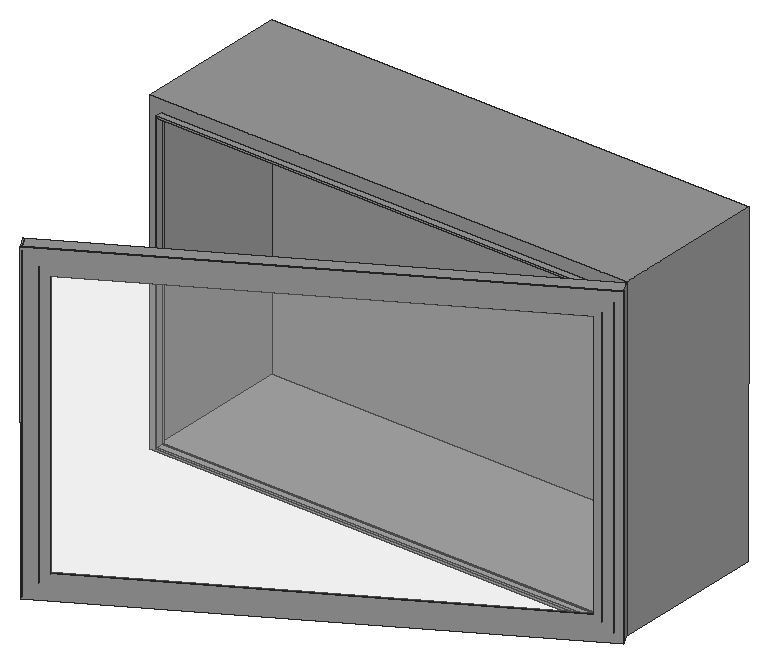
Revit family "Hager-Orion_Inox-IP66-D210-Cl.I-Inox_encl-630A-400mm-NoHosted-CH-it", category Equipement électrique, Revit 2020
Family settings
  Configuration du panneau = Deux colonnes, circuits au sein
  Cote de connecteur circulaire = Utiliser le diamètre
  Type d'élément = Tableau de raccordement
  Basée sur le plan de construction = Oui
  Toujours verticalement = Oui
  Couper avec des vides une fois chargée = Non
  Partagée = Non
  Point de calcul de pièce = Non
Parameters (values of type "A parete IP66 L600 A400 P210  - FL017TWL")
  Width Control [instance] = if([EF000008 - Larghezza] > Min Width, [EF000008 - Larghezza], Min Width)  # 600 mm
  Commentaires du type = [HG000003 - Gamma]  # "Orion Inox"
  Thickness Door [instance] = if([EF009171 - spessore materiale porta/coperchio] > 3 mm, 3 mm, [EF009171 - spessore materiale porta/coperchio])  # 1.5 mm
  Seal Frame Offset [instance] = 17 mm  # constant formula
  Min Width [instance] = 100 mm  # constant formula
  Min Depth [instance] = (2 * [EF009170 - spessore materiale scatola]) + 1 mm  # 4 mm
  Min Height [instance] = 100 mm  # constant formula
  Internal Frame Depth [instance] = -(Door System Depth * 0.5)  # -9 mm
  Panel Name [instance] = ""  # (empty or 0)
  Model = ""
  HG000027 - Altezza dello zoccolo = 0 mm
  HG000026 - A pavimento = no
  HG000024 - Altezza della sezione inferiore = 600 mm
  HG000023 - Custodia a doppia sezione = no
  HG000016 - Visibilità delle porte nella vista 3D [instance] = yes
  HG000015 - Visibilità attraverso la porta [instance] = no
  HG000014 - Porta destra [instance] = yes
  HG000013 - Porta sinistra [instance] = not([HG000014 - Porta destra])  # no
  HG000012 - Angolo di apertura della porta [instance] = 30.00°
  HG000010 - Porte asimmetriche = no
  HG000009 - Porta doppia a battente = no
  HG000006 - Ad incasso = no
  HG000004 - Codice produttore = "FL017TWL"
  HG000003 - Gamma = "Orion Inox"
  HG000002 - Con porta = yes
  Frame Offset Bottom [instance] = 10 mm  # constant formula
  Frame Offset [instance] = 15 mm  # constant formula
  EF015940 - Coprire con rilascio di sovrapressione = no
  EF011959 - tipo di protezione (NEMA) = ""
  EF009554 - numero delle aperture per la piastra della flangia = 0
  EF009212 - esecuzione coperchio = "EV000116 - chiuso"
  EF009171 - spessore materiale porta/coperchio = 1.5 mm
  EF009170 - spessore materiale scatola = 1.5 mm
  EF008873 - corrente nominale (In) = 630 A
  EF007800 - adatto per parafulmine = no
  EF006306 - con serratura = yes
  EF006244 - coperchio/porta trasparente = yes
  EF005474 - grado di protezione (IP) = "EV006422 - IP66"
  EF004464 - tipo di porta = "EV002646 - singolo"
  EF004427 - numero di moduli = 0
  EF004293 - resistenza agli urti = "EV006814 - IK08"
  EF003532 - adatto per uso esterno = yes
  EF002950 - Numero moduli DIN = 0
  EF001613 - Integrità del circuito = "EV000494 - senza"
  EF001596 - Attacco Lampada = "EV000166 - acciaio inossidabile"
  EF001131 - profondità interna = 176 mm
  EF001088 - possibilità di applicazione = yes
  EF000437 - numero di ingressi per conduttori = 0
  EF000339 - tipo di copertura = "EV004216 - porta"
  EF000266 - numero di file = 0
  EF000218 - profondità di incasso = 0 mm
  EF000118 - con piastra di montaggio = no
  EF000116 - numero RAL = ""
  EF000049 - profondità = 210 mm
  EF000040 - Altezza = 400 mm
  EF000008 - Larghezza = 600 mm
  EF000007 - colore = "EV000154 - altri"
  EF000003 - Tipo di montaggio = "EV000384 - A parete"
  Door System Leaf Tolerance [instance] = 1.5 mm  # constant formula
  Door System Depth [instance] = 18 mm  # constant formula
  Description = ""
  Default Elevation = 1219.2 mm
  Connector Offset [instance] = Height Control / 2  # 200 mm
  Fabricant = "Hager"  # constant formula
  Height Control [instance] = if([EF000040 - Altezza] > Min Height, [EF000040 - Altezza], Min Height)  # 400 mm
  Depth Control [instance] = if([EF000049 - profondità] > Min Depth, [EF000049 - profondità], Min Depth)  # 210 mm
Types (12, lengths in mm): name | Width Control | HG000004 - Codice produttore | EF009212 - esecuzione coperchio | EF006306 - con serratura | EF006244 - coperchio/porta trasparente | EF004293 - resistenza agli urti | EF001613 - Integrità del circuito | EF000008 - Larghezza
  A parete IP66 L300 A400 P210  - FL015BW | 300 | "FL015BW" | "EV000116 - chiuso" | yes | no | "EV008784 - IK10" | "EV000494 - senza" | 300
  A parete IP66 L300 A400 P210  - FL015BWL | 300 | "FL015BWL" | "EV000116 - chiuso" | yes | no | "EV008784 - IK10" | "EV000494 - senza" | 300
  A parete IP66 L300 A400 P210  - FL015TW | 300 | "FL015TW" | "EV000116 - chiuso" | yes | yes | "EV006814 - IK08" | "EV000494 - senza" | 300
  A parete IP66 L300 A400 P210  - FL015TWL | 300 | "FL015TWL" | "EV000116 - chiuso" | yes | yes | "EV006814 - IK08" | "EV000494 - senza" | 300
  A parete IP66 L400 A400 P210  - FL016BW | 400 | "FL016BW" | "EV009916 - con taglio" | no | no | "EV008784 - IK10" | "" | 400
  A parete IP66 L400 A400 P210  - FL016BWL | 400 | "FL016BWL" | "EV009916 - con taglio" | no | no | "EV008784 - IK10" | "" | 400
  A parete IP66 L400 A400 P210  - FL016TW | 400 | "FL016TW" | "EV000116 - chiuso" | yes | yes | "EV006814 - IK08" | "EV000494 - senza" | 400
  A parete IP66 L400 A400 P210  - FL016TWL | 400 | "FL016TWL" | "EV000116 - chiuso" | yes | yes | "EV006814 - IK08" | "EV000494 - senza" | 400
  A parete IP66 L600 A400 P210  - FL017BW | 600 | "FL017BW" | "EV000116 - chiuso" | yes | no | "EV008784 - IK10" | "EV000494 - senza" | 600
  A parete IP66 L600 A400 P210  - FL017BWL | 600 | "FL017BWL" | "EV000116 - chiuso" | yes | no | "EV008784 - IK10" | "EV000494 - senza" | 600
  A parete IP66 L600 A400 P210  - FL017TW | 600 | "FL017TW" | "EV000116 - chiuso" | yes | yes | "EV006814 - IK08" | "EV000494 - senza" | 600
  A parete IP66 L600 A400 P210  - FL017TWL | 600 | "FL017TWL" | "EV000116 - chiuso" | yes | yes | "EV006814 - IK08" | "EV000494 - senza" | 600
Reference planes
  plane 1 "Center (Front/Back)": y = 0
  plane 2: z = 0
  plane 3 "Center (Left/Right)": x = 0
  plane 4: y = 0
  plane 5: y = 0
  plane 6: z = 0
  plane 7: x = -300
  plane 8: x = 300
  plane 9: x = 298.5
  plane 10: x = -298.5
  plane 11: z = 0
  plane 12: z = 1.5
  plane 13: y = -210
  plane 14: y = -1.5
  plane 15: x = 0
  plane 16: y = -192
  plane 17: y = -208.5
  plane 18: y = -190.5
  plane 19: x = -283.5
  plane 20: x = 283.5
  plane 21: z = 11.5
  plane 22: x = -283
  plane 23: x = 283
  plane 24: z = 0
  plane 25: z = 400
  plane 26: z = 400
  plane 27: z = 383.5
  plane 28: z = 398.5
Forms (mm)
  Extrusion 1, solid, material "Hager_Stainless_Steel", detail levels medium+fine
    sketch origin (-208.679, -4572, 0) x (-1, 0, 0) y (0, -1, 0)
      loop
        line (91.321, -4380) -> (-508.679, -4380) -> (-508.679, -4572) -> (91.321, -4572) -> (91.321, -4380)
    from 0 to 400
  Extrusion 2, void
    sketch origin (-350.771, -210, 1219.2) x (1, 0, 0) y (0, 0, 1)
      loop
        line (52.271, -820.7) -> (52.271, -1217.7) -> (649.271, -1217.7) -> (649.271, -820.7) -> (52.271, -820.7)
    from -19.5 to -208.5
  Extrusion 3, void
    sketch origin (-290.084, -192, 1219.2) x (1, 0, 0) y (0, 0, 1)
      loop
        line (6.584, -1207.7) -> (573.584, -1207.7) -> (573.584, -835.7) -> (6.584, -835.7) -> (6.584, -1207.7)
    from 0 to -1.5
  Extrusion 4, solid, material "Hager_Stainless_Steel", detail levels fine
    sketch origin (-290.084, -192, 1219.2) x (-1, 0, 0) y (0, 0, 1)
      loop
        line (-573.584, -1207.7) -> (-6.584, -1207.7) -> (-6.584, -835.7) -> (-573.584, -835.7) -> (-573.584, -1207.7)
      loop
        line (-575.084, -1209.2) -> (-5.084, -1209.2) -> (-5.084, -834.2) -> (-575.084, -834.2) -> (-575.084, -1209.2)
    from 0 to -9 <- "Internal Frame Depth"
  Extrusion 5, solid, material "Hager_Stainless_Steel", detail levels coarse
    sketch origin (0, 0, 0) x (1, 0, 0) y (0, 1, 0)
      loop
        line (-300, 0) -> (-300, -210) -> (300, -210) -> (300, 0) -> (-300, 0)
    from 0 to 400 <- "Height Control"
Cuts and joins
  Extrusion 2, Extrusion 3 cuts Extrusion 1
Lines and regions (mm)
  Masking region 1
    outline origin (0, 0, 0) x (1, 0, 0) y (0, 1, 0)
      loop
        line (-300, 0) -> (-300, -210) -> (300, -210) -> (300, 0) -> (-300, 0)
  Masking region 2
    outline origin (-290.084, -192, 1219.2) x (-1, 0, 0) y (0, 0, 1)
      loop
        line (-590.084, -1219.2) -> (9.916, -1219.2) -> (9.916, -819.2) -> (-590.084, -819.2) -> (-590.084, -1219.2)
  Masking region 3, detail levels coarse
    outline origin (0, 0, 0) x (0, 1, 0) y (0, 0, 1)
      loop
        line (0, 0) -> (0, 400) -> (-210, 400) -> (-210, 0) -> (0, 0)
  Masking region 4, detail levels medium+fine
    outline origin (0, 0, 594.038) x (0, 1, 0) y (0, 0, 1)
      loop
        line (0, -594.038) -> (0, -194.038) -> (-192, -194.038) -> (-192, -594.038) -> (0, -594.038)
Dimensions and locks
  locked: plane 1 "Center (Front/Back)" to plane 5
  "EF009170 - spessore materiale scatola": plane 7 to plane 10
  "EF009170 - spessore materiale scatola": plane 8 to plane 9
  equal spacing: plane 7, plane 3 "Center (Left/Right)", plane 8
  "Width Control": plane 7 to plane 8
  "Depth Control": plane 4 to plane 13
  "EF009170 - spessore materiale scatola": plane 4 to plane 14
  "Height Control": plane 25 to level
  "EF009170 - spessore materiale scatola": plane 12 to plane 11
  "EF009170 - spessore materiale scatola": plane 17 to plane 13
  "EF009170 - spessore materiale scatola": plane 18 to plane 16
  "Frame Offset Bottom": plane 21 to plane 12
  "Frame Offset": plane 10 to plane 19
  "Frame Offset": plane 9 to plane 20
  "Door System Depth": plane 16 to plane 13
  "Seal Frame Offset": plane 7 to plane 22
  "Seal Frame Offset": plane 8 to plane 23
  "EF009170 - spessore materiale scatola": plane 26 to plane 28
  "Frame Offset": plane 28 to plane 27
  "Connector Offset": plane 2 to connector elem
  "Thickness Door": cut or joined group of Extrusion 1, Extrusion 2, Extrusion 3 to Extrusion 4 sketch curve
  "Thickness Door": Extrusion 4 sketch curve to plane 19
  "Thickness Door": Extrusion 4 sketch curve to plane 20
  "Thickness Door": Extrusion 4 sketch curve to plane 27
  aligned and locked: Extrusion 2 sketch curve to plane 12
  aligned and locked: Extrusion 2 sketch curve to plane 9
  aligned and locked: Extrusion 2 sketch curve to plane 10
  aligned and locked: plane 14 to Extrusion 2
  aligned and locked: plane 4 to Extrusion 1 sketch curve
  aligned and locked: plane 8 to Extrusion 1 sketch curve
  aligned and locked: plane 7 to Extrusion 1 sketch curve
  aligned and locked: Extrusion 2 to plane 18
  aligned and locked: plane 19 to Extrusion 3 sketch curve
  aligned and locked: plane 20 to Extrusion 3 sketch curve
  aligned and locked: Extrusion 3 to Extrusion 2
  aligned and locked: Extrusion 3 sketch curve to plane 21
  aligned and locked: plane 3 "Center (Left/Right)" to nested 1
  aligned and locked: Extrusion 1 sketch curve to plane 16
  aligned and locked: Masking region 1 sketch curve to plane 7
  aligned and locked: Masking region 1 sketch curve to plane 5
  aligned and locked: Masking region 1 sketch curve to plane 8
  aligned and locked: Masking region 2 sketch curve to level
  aligned and locked: level to Masking region 3 sketch curve
  aligned and locked: plane 1 "Center (Front/Back)" to Masking region 3 sketch curve
  aligned and locked: plane 13 to Masking region 3 sketch curve
  aligned and locked: Masking region 2 sketch curve to plane 8
  aligned and locked: Masking region 2 sketch curve to plane 7
  aligned and locked: plane 7 to nested 2
  aligned and locked: nested 2 to plane 5
  aligned and locked: plane 5 to Masking region 4 sketch curve
  aligned and locked: plane 26 to Masking region 4 sketch curve
  aligned and locked: Extrusion 5 sketch curve to plane 8
  aligned and locked: Extrusion 5 sketch curve to plane 7
  aligned and locked: Extrusion 5 sketch curve to plane 5
  aligned and locked: Extrusion 3 sketch curve to plane 27
  aligned and locked: Extrusion 2 sketch curve to plane 28
  aligned and locked: Extrusion 4 sketch curve to plane 27
  aligned and locked: Extrusion 4 sketch curve to plane 20
  aligned and locked: Extrusion 4 sketch curve to plane 21
  aligned and locked: Extrusion 4 sketch curve to plane 19
  aligned and locked: Masking region 2 to plane 25
  aligned and locked: Masking region 4 sketch curve to plane 24
  aligned and locked: Masking region 1 to plane 13
  aligned and locked: nested 1 to plane 16
  aligned and locked: Masking region 3 to plane 25
  aligned and locked: Masking region 4 sketch curve to plane 16
  aligned and locked: plane 24 to plane 11
  aligned and locked: plane 26 to plane 25
  aligned and locked: level to plane 24
  aligned and locked: Extrusion 1 to Masking region 3
  aligned and locked: level to nested 1
Automatic sketch dimensions
  Extrusion 5 sketch curve to plane 13 = 0 mm
  plane 27 to Masking region 2 sketch curve = 16.5 mm
  plane 27 to Masking region 3 sketch curve = 16.5 mm
  Masking region 1 sketch curve to plane 13 = 0 mm
  Extrusion 3 sketch curve to plane 21 = 0 mm
  plane 19 to Extrusion 3 sketch curve = 0 mm
  Extrusion 3 sketch curve to plane 20 = 0 mm
Nested families
  nested 1: "EC000058_OrionInox_Door" at (0, -192, 0), Double <- "HG000009 - Porta doppia a battente", Transparent <- "EF006244 - coperchio/porta trasparente", Angle <- "HG000012 - Angolo di apertura della porta", Door_Right <- "HG000014 - Porta destra", Assymetrical <- "HG000010 - Porte asimmetriche", Door <- "HG000002 - Con porta", Width_Ctrl <- "Width Control", 3d_Door <- "HG000016 - Visibilità delle porte nella vista 3D", Clearance <- "HG000015 - Visibilità attraverso la porta", Door_Left <- "HG000013 - Porta sinistra", Width <- "Width Control", Door_Depth <- "Door System Depth", Leaf_Tolerance <- "Door System Leaf Tolerance", Height <- "Height Control", Thickness <- "Thickness Door", type "EC000058_OrionInox_Door", detail levels medium+fine
    with min_wh 4 mm, Width_Ctrl 600 mm, Width 600 mm, Transparent yes, Thickness 1.5 mm, Seal_Material Hager_Rubber, Leaf_Width 600 mm, Leaf_Tolerance_External_Sides 0 mm, Leaf_Tolerance 1.5 mm, Leaf_Offset 0 mm, Leaf_Height 397 mm, Leaf_2_Width 600 mm, Leaf_2_Offset 300 mm, Leaf_1_Width 600 mm, Leaf_1_Offset 300 mm, Height_Ctrl 400 mm, Height 400 mm, Glass_Material Hager_Glass, Double_Clearance_Ctrl no, Double no, Door_Right_Ctrl yes, Door_Right yes, Door_Material Hager_Stainless_Steel, Door_Left_Ctrl no, Door_Left no, Door_Depth 18 mm, Door yes, Clearance_Material Hager_Clearance, Clearance_Depth 600 mm, Clearance_Ctrl no, Clearance no, Assymetrical no, Angle 30.00°, 3d_Door yes
  nested 2: "Hager_Enclosure_Symbol" at (-300, 0, 0), Height <- "Depth Control", Width <- "Width Control", type "Hager_Enclosure_Symbol"
    with Width_Ctrl 600 mm, Width 600 mm, Height_Ctrl 210 mm, Height 210 mm, A_Width_Int 13.781 mm, A_Width 165.375 mm, A_Height_Ctrl 183.75 mm, A_Height 183.75 mm
Connectors
  electrical at (0, 0, 200)
    settings: on plane 1 "Center (Front/Back)", index 1, voltage 0 V, apparent load 0 VA, apparent load phase1 0 VA, apparent load phase2 0 VA, apparent load phase3 0 VA, power factor 1, load classification "Other", number of poles 1, system type 30, power factor state 1, is connector primary yes, connector utility no, sub classification motor no, connector description ""
Definition of nested family "EC000058_OrionInox_Door"
  Parameters (values of type "EC000058_OrionInox_Door")
    min_wh [instance] = (2 * Thickness) + 1 mm  # 11 mm
    Width_Ctrl [instance] = 400 mm
    Width [instance] = 500 mm
    Transparent [instance] = yes
    Thickness [instance] = 5 mm
    Seal_Material [instance] = none
    Leaf_Width [instance] = if((Width_Ctrl - 2 * Leaf_Tolerance_External_Sides) > 0 mm, (Width_Ctrl - 2 * Leaf_Tolerance_External_Sides), min_wh)  # 400 mm
    Leaf_Tolerance_External_Sides [instance] = 0 mm  # constant formula
    Leaf_Tolerance [instance] = 1.5 mm
    Leaf_Offset [instance] = 0 mm  # constant formula
    Leaf_Height [instance] = if((Height_Ctrl - 2 * Leaf_Tolerance) > 0 mm, (Height_Ctrl - 2 * Leaf_Tolerance), min_wh)  # 497 mm
    Leaf_2_Width [instance] = if(and(and(Double, Assymetrical), Door_Left), (Leaf_Width / 3) - (Leaf_Tolerance / 2), if(and(and(Double, Assymetrical), Door_Right), (Leaf_Width / 3) * 2 - (Leaf_Tolerance / 2), if(and(Double, not(Assymetrical)), (Leaf_Width / 2) - Leaf_Tolerance, Leaf_Width)))  # 400 mm
    Leaf_2_Offset [instance] = if(and(Double, Assymetrical), Leaf_2_Width / 2, if(and(Double, not(Assymetrical)), Leaf_Width / 4, Leaf_Width / 2))  # 200 mm
    Leaf_1_Width [instance] = if(and(and(Double, Assymetrical), Door_Right), (Leaf_Width / 3) - (Leaf_Tolerance / 2), if(and(and(Double, Assymetrical), Door_Left), (Width / 3) * 2 - (Leaf_Tolerance / 2), if(and(Double, not(Assymetrical)), (Leaf_Width / 2) - Leaf_Tolerance, Leaf_Width)))  # 400 mm
    Leaf_1_Offset [instance] = if(and(Double, Assymetrical), Leaf_1_Width / 2, if(and(Double, not(Assymetrical)), Leaf_Width / 4, Leaf_Width / 2))  # 200 mm
    Height_Ctrl [instance] = if(Height > min_wh, Height, min_wh)  # 500 mm
    Height [instance] = 500 mm
    Glass_Material [instance] = none
    Double_Clearance_Ctrl [instance] = and(Double, Clearance)  # no
    Double [instance] = no
    Door_Right_Ctrl [instance] = and(or(Door_Right, Double), Door)  # yes
    Door_Right [instance] = yes
    Door_Material [instance] = none
    Door_Left_Ctrl [instance] = and(or(Door_Left, Double), Door)  # no
    Door_Left [instance] = no
    Door_Depth [instance] = 30 mm
    Door [instance] = yes
    Default Elevation = 1219.2 mm
    Clearance_Material [instance] = none
    Clearance_Depth [instance] = if(Leaf_1_Width > Leaf_2_Width, Leaf_1_Width, Leaf_2_Width)  # 400 mm
    Clearance_Ctrl [instance] = and(not(Double), Clearance)  # yes
    Clearance [instance] = yes
    Assymetrical [instance] = yes
    Angle [instance] = 30.00°
    3d_Door [instance] = yes
  Reference planes
    plane 1 "Center (Front/Back)": y = 0
    plane 2 "Bottom": z = 0
    plane 3 "Center (Left/Right)": x = 0
    plane 4: z = 500
    plane 5: x = -200
    plane 6: x = 200
    plane 7: z = 500
    plane 8: x = -200
    plane 9: z = 0
    plane 10: x = 200
    plane 11: y = 0
    plane 12: z = 1.5
    plane 13: x = -600
    plane 14: y = -400
    plane 15: x = 600
    plane 16: x = 0
    plane 17: x = 0
    plane 18: x = -200
    plane 19: x = 200
    plane 20: z = 498.5
  Forms (mm)
    Extrusion 1, solid, material <- "Clearance_Material", visible <- "Double_Clearance_Ctrl"
      sketch origin (1200, 0, 0) x (1, 0, 0) y (0, 0, -1)
        loop
          line (-1800, -498.5) -> (-600, -498.5) -> (-600, 0) -> (-1800, 0) -> (-1800, -498.5)
      from 0 to -400
  Dimensions and locks
    equal spacing: plane 5, plane 3 "Center (Left/Right)", plane 6
    "Width_Ctrl": plane 5 to plane 6
    "Leaf_Offset": plane 5 to plane 8
    "Leaf_Offset": plane 6 to plane 10
    "Leaf_Offset": plane 9 to level
    "Leaf_Offset": plane 4 to plane 7
    "Height_Ctrl": plane 4 to level
    "Leaf_Tolerance": plane 12 to plane 9
    locked: plane 11 to plane 1 "Center (Front/Back)"
    "Leaf_1_Offset": plane 18 to plane 16
    "Leaf_2_Offset": plane 17 to plane 19
    "Leaf_1_Width": plane 13 to plane 8
    "Leaf_2_Width": plane 10 to plane 15
    "Clearance_Depth": plane 14 to plane 1 "Center (Front/Back)"
    "Leaf_Tolerance_External_Sides": plane 8 to plane 18
    "Leaf_Tolerance_External_Sides": plane 19 to plane 10
    "Leaf_Tolerance": plane 7 to plane 20
    aligned and locked: level to plane 2 "Bottom"
    aligned and locked: nested 1 to plane 16
    aligned and locked: nested 2 to plane 17
    aligned and locked: Extrusion 1 to plane 13
    aligned and locked: plane 15 to Extrusion 1
    aligned and locked: Extrusion 1 to plane 14
    aligned and locked: plane 12 to nested 1
    aligned and locked: nested 2 to plane 12
    aligned and locked: Extrusion 1 to plane 11
    aligned and locked: plane 20 to Extrusion 1
    aligned and locked: nested 2 to plane 11
    aligned and locked: nested 1 to plane 11
  Automatic sketch dimensions
    Extrusion 1 sketch curve to level = 0 mm
    plane 5 to Extrusion 1 sketch curve = 400 mm
    plane 6 to Extrusion 1 sketch curve = 400 mm
    Extrusion 1 sketch curve to plane 4 = 1.5 mm
  Nested families
    nested 1: "EC000058_OrionInox_Door_Leaf" at (0, 0, 1.5), Width <- "Leaf_1_Width", visible <- "Door_Left_Ctrl", Leaf_Height <- "Leaf_Height", Angle <- "Angle", 3d_Door <- "3d_Door", Transparent <- "Transparent", Clearance Material <- "Clearance_Material", Clearance <- "Clearance_Ctrl", Door_Material <- "Door_Material", Glass_Material <- "Glass_Material", Door_Depth <- "Door_Depth", Seal_Material <- "Seal_Material", Thickness <- "Thickness", type "EC000058_OrionInox_Door_Leaf"
      with Width 400 mm, Transparent_Ctrl yes, Transparent yes, Thickness 5 mm, Standard no, Seal_Material none, Seal_D2 8 mm, Seal_D1 1 mm, Offset_Internal_Frame 10 mm, Lock_Width 28 mm, Lock_Thickness 2 mm, Lock_Radius 6 mm, Leaf_Height 497 mm, Internal_Seal_Thickness 8 mm, Internal_Seal_Depth_2 4.5 mm, Internal_Frame_Depth 25 mm, Glass_Thickness -1 mm, Glass_Offset -2 mm, Glass_Material none, Door_Material none, Door_Depth 30 mm, Clearance Material none, Clearance yes, Angle_Ctrl 30.00°, Angle 30.00°, 3d_Door yes
    nested 2: "EC000058_OrionInox_Door_Leaf" at (0, 0, 1.5) x (-1, 0, 0) z (0, 0, 1), Width <- "Leaf_2_Width", visible <- "Door_Right_Ctrl", Leaf_Height <- "Leaf_Height", Angle <- "Angle", 3d_Door <- "3d_Door", Transparent <- "Transparent", Clearance Material <- "Clearance_Material", Clearance <- "Clearance_Ctrl", Door_Material <- "Door_Material", Glass_Material <- "Glass_Material", Door_Depth <- "Door_Depth", Seal_Material <- "Seal_Material", Thickness <- "Thickness", type "EC000058_OrionInox_Door_Leaf"
      with Width 400 mm, Transparent_Ctrl yes, Transparent yes, Thickness 5 mm, Standard no, Seal_Material none, Seal_D2 8 mm, Seal_D1 1 mm, Offset_Internal_Frame 10 mm, Lock_Width 28 mm, Lock_Thickness 2 mm, Lock_Radius 6 mm, Leaf_Height 497 mm, Internal_Seal_Thickness 8 mm, Internal_Seal_Depth_2 4.5 mm, Internal_Frame_Depth 25 mm, Glass_Thickness -1 mm, Glass_Offset -2 mm, Glass_Material none, Door_Material none, Door_Depth 30 mm, Clearance Material none, Clearance yes, Angle_Ctrl 30.00°, Angle 30.00°, 3d_Door yes
  Definition of nested family "EC000058_OrionInox_Door_Leaf"
    Parameters (values of type "EC000058_OrionInox_Door_Leaf")
      Width [instance] = 450 mm
      Transparent_Ctrl [instance] = and(Transparent, [3d_Door])  # yes
      Transparent [instance] = yes
      Thickness [instance] = 5 mm
      Standard [instance] = and(not(Transparent), [3d_Door])  # no
      Seal_Material [instance] = none
      Seal_D2 [instance] = 8 mm  # constant formula
      Seal_D1 [instance] = 1 mm  # constant formula
      Offset_Internal_Frame [instance] = 10 mm  # constant formula
      Lock_Width [instance] = Door_Depth - Lock_Thickness  # 28 mm
      Lock_Thickness [instance] = 2 mm  # constant formula
      Lock_Radius [instance] = 6 mm  # constant formula
      Leaf_Height [instance] = 450 mm
      Internal_Seal_Thickness [instance] = 8 mm  # constant formula
      Internal_Seal_Depth_2 [instance] = 4.5 mm  # constant formula
      Internal_Frame_Depth [instance] = if(Door_Depth - Thickness > 5 mm, Door_Depth - Thickness, 5 mm)  # 25 mm
      Glass_Thickness [instance] = if(Thickness > 15 mm, Glass_Offset + 10 mm, -1 mm)  # -1 mm
      Glass_Offset [instance] = if(Thickness > 15 mm, -(Thickness + 10 mm) / 2, -2 mm)  # -2 mm
      Glass_Material [instance] = none
      Door_Material [instance] = none
      Door_Depth [instance] = 30 mm
      Default Elevation = 0 mm
      Clearance Material [instance] = none
      Clearance [instance] = yes
      Angle_Ctrl [instance] = if(Angle > 180.00°, 180.00°, Angle)  # 90.00°
      Angle [instance] = 90.00°
      3d_Door [instance] = yes
    Reference planes
      plane 1 "Center (Front/Back)": y = 0
      plane 2: z = 0
      plane 3 "Center (Left/Right)": x = 0
      plane 4: y = 450
      plane 5: x = -225
      plane 6: x = 225
      plane 7: x = -675
      plane 8: z = 450
      plane 9: z = 30
      plane 10: z = 420
      plane 11: x = 195
      plane 12: x = -195
      plane 13: y = -3
      plane 14: z = 107.833
      plane 15: y = -5
      plane 16: y = -223.314
      plane 17: x = -225
      plane 18: y = 30
    Forms (mm)
      Extrusion 1, solid, material <- "Clearance Material", visible <- "Clearance"
        sketch origin (0, 0, 0) x (1, 0, 0) y (0, 0, 1)
          loop
            line (-675, 450) -> (-675, 0) -> (225, 0) -> (225, 450) -> (-675, 450)
        from 0 to -450
      Extrusion 2, solid, material <- "Door_Material", visible <- "Standard", detail levels medium+fine
        sketch origin (-225, 0, 0) x (0, 1, 0) y (-1, 0, 0)
          loop
            line (0, 30) -> (0, 25) -> (450, 25) -> (450, 30) -> (0, 30)
        from 0 to 450 <- "Leaf_Height"
      Extrusion 3, solid, material <- "Door_Material", visible <- "Transparent_Ctrl", detail levels medium+fine
        sketch origin (-225, 0, 0) x (0, 1, 0) y (-1, 0, 0)
          loop
            line (0, 25) -> (450, 25) -> (450, 30) -> (0, 30) -> (0, 25)
        from 0 to 450 <- "Leaf_Height"
      Extrusion 4, void
        sketch origin (-250, 450, 0) x (0, 1, 0) y (0, 0, -1)
          loop
            line (-30, -420) -> (-30, -30) -> (-420, -30) -> (-420, -420) -> (-30, -420)
        from 0 to 5 <- "Thickness"
      Sweep 5, solid, material <- "Seal_Material", visible <- "Transparent_Ctrl", detail levels fine
        path in 3D
          loop
            line (-250, 30, 30) -> (-250, 30, 420) -> (-250, 420, 420) -> (-250, 420, 30) -> (-250, 30, 30)
        profile origin (-250, 225, 30) x (1, 0, 0) y (0, 0, 1)
          loop
            line (0, 0) -> (0, -8) -> (1, -8) -> (1, 0) -> (0, 0)
      Extrusion 6, solid, material <- "Glass_Material", visible <- "Transparent_Ctrl", detail levels medium+fine
        sketch origin (-255, 0, 0) x (0, 1, 0) y (0, 0, -1)
          loop
            line (420, -420) -> (420, -30) -> (30, -30) -> (30, -420) -> (420, -420)
        from -2 <- "Glass_Offset" to -1 <- "Glass_Thickness"
      Extrusion 7, solid, material <- "Door_Material", visible <- "3d_Door", detail levels medium+fine
        sketch origin (-250, 450, 0) x (0, -1, 0) y (0, 0, -1)
          loop
            line (0, -450) -> (450, -450) -> (450, 0) -> (0, 0) -> (0, -450)
          loop
            line (445, -5) -> (5, -5) -> (5, -445) -> (445, -445) -> (445, -5)
        from 0 to 25 <- "Internal_Frame_Depth"
      Sweep 8, solid, material <- "Seal_Material", visible <- "Transparent_Ctrl", detail levels fine
        path in 3D
          loop
            line (-250, 0, 0) -> (-250, 450, 0) -> (-250, 450, 450) -> (-250, 0, 450) -> (-250, 0, 0)
        profile origin (-250, 0, 225) x (1, 0, 0) y (0, 1, 0)
          loop
            line (0, 10) -> (2.975, 10)
            arc (2.975, 10) -> (4.053, 10.447) -> (4.5, 11.525) r 1.525
            line (4.5, 11.525) -> (4.5, 16.527)
            arc (4.5, 16.527) -> (4.069, 17.569) -> (3.027, 18) r 1.473
            line (3.027, 18) -> (0, 18) -> (0, 10)
    Cuts and joins
      Extrusion 4 cuts Extrusion 3
    Lines and regions (mm)
      Masking region 1, detail levels medium+fine
        outline origin (0, 0, 0) x (0, 1, 0) y (0, 0, 1)
          loop
            line (0, 0) -> (30, 0) -> (30, 450) -> (0, 450) -> (0, 0)
      Masking region 2, detail levels medium+fine
        outline origin (0, 0, 0) x (1, 0, 0) y (0, 0, 1)
          loop
            line (-225, 450) -> (-225, 0) -> (225, 0) -> (225, 450) -> (-225, 450)
      symbolic lines
        curve 1: line (225, 0, 0) -> (-675, 0, 0)
        curve 2: arc (225, 0, 0) -> (-225, 450, 0) -> (-675, 0, 0) r 450
        curve 4: line (-255, 0, 0) -> (-255, 450, 0)
      reference lines
        curve 3: line (-225, 0, 0) -> (-225, 450, 0)
      symbolic lines, detail levels medium+fine
        curve 5: line (-255, 450, 0) -> (-250, 450, 0)
        curve 7: line (-250, 0, 0) -> (-255, 0, 0)
        curve 8: line (-250, 0, 0) -> (-225, 0, 0)
        curve 9: line (-225, 0, 0) -> (-225, 450, 0)
        curve 10: line (-225, 450, 0) -> (-250, 450, 0)
      symbolic lines, detail levels fine
        curve 6: line (-250, 450, 0) -> (-250, 0, 0)
      sketch lines
        curve 11: line (-250, 0, 450) -> (-250, 0, 0)
        curve 12: line (-250, 450, 0) -> (-250, 0, 0)
        curve 13: line (-250, 450, 450) -> (-250, 450, 0)
        curve 14: line (-250, 0, 450) -> (-250, 450, 450)
        curve 15: line (-250, 420, 30) -> (-250, 30, 30)
        curve 16: line (-250, 30, 30) -> (-250, 30, 420)
        curve 17: line (-250, 420, 420) -> (-250, 420, 30)
        curve 18: line (-250, 30, 420) -> (-250, 420, 420)
      symbolic lines, visible <- "Transparent", detail levels medium+fine
        curve 19: line (-195, 0, 420) -> (195, 0, 420)
        curve 20: line (-195, 0, 30) -> (-195, 0, 420)
        curve 21: line (195, 0, 30) -> (-195, 0, 30)
        curve 22: line (195, 0, 420) -> (195, 0, 30)
    Dimensions and locks
      "Width": plane 1 "Center (Front/Back)" to plane 4
      equal spacing: plane 5, plane 3 "Center (Left/Right)", plane 6
      "Width": plane 5 to plane 6
      "Width": plane 7 to plane 5
      "Leaf_Height": plane 8 to level
      "Width": curve 5 to curve 3
      "Width": curve 3 to curve 3
      plane 8 to plane 10 = 30 mm
      plane 9 to level = 30 mm
      plane 12 to plane 5 = 30 mm
      plane 6 to plane 11 = 30 mm
      Extrusion 4 sketch curve to Extrusion 3 = 30 mm
      Extrusion 3 to Extrusion 4 sketch curve = 30 mm
      Extrusion 1 to Extrusion 4 sketch curve = 30 mm
      curve 3 to Extrusion 4 sketch curve = 30 mm
      Extrusion 4 sketch curve to cut or joined group of Extrusion 3, Extrusion 4 = 30 mm
      cut or joined group of Extrusion 3, Extrusion 4 to Extrusion 6 sketch curve = 30 mm
      cut or joined group of Extrusion 3, Extrusion 4 to Extrusion 4 sketch curve = 30 mm
      "Thickness": curve 6 to curve 4
      "Thickness": Extrusion 7 sketch curve to Extrusion 7 sketch curve  (x4)
      "Door_Depth": curve 4 to curve 3
      "Offset_Internal_Frame": profile plane to Sweep 8 sketch curve
      "Internal_Seal_Thickness": Sweep 8 sketch curve to Sweep 8 sketch curve
      "Internal_Seal_Depth_2": profile plane to Sweep 8 sketch curve
      "Seal_D1": profile plane to Sweep 5 sketch curve
      "Seal_D2": profile plane to Sweep 5 sketch curve
      "Thickness": Extrusion 2 sketch curve to Extrusion 2 sketch curve
      "Door_Depth": plane 18 to plane 1 "Center (Front/Back)"
      radius of Sweep 8 sketch curve = 1.525 mm
      radius of Sweep 8 sketch curve = 1.473 mm
      "Angle_Ctrl": angle plane 1 "Center (Front/Back)" to curve 3
      aligned and locked: level to plane 2
      aligned and locked: Extrusion 1 to curve 1
      aligned and locked: plane 6 to Extrusion 1
      aligned and locked: plane 1 "Center (Front/Back)" to Extrusion 1
      aligned and locked: plane 4 to Extrusion 1
      aligned and locked: plane 8 to Extrusion 1
      aligned and locked: curve 7 to Extrusion 2 sketch curve
      aligned and locked: curve 5 to Extrusion 2 sketch curve
      aligned and locked: curve 7 to Extrusion 3 sketch curve
      aligned and locked: Extrusion 3 sketch curve to curve 4
      aligned and locked: Extrusion 3 sketch curve to curve 6
      aligned and locked: Extrusion 3 sketch curve to curve 5
      aligned and locked: curve 9 to curve 3
      aligned and locked: Extrusion 7 sketch curve to cut or joined group of Extrusion 3, Extrusion 4  (x4)
      aligned and locked: plane 17 to curve 3
      aligned and locked: plane 1 "Center (Front/Back)" to curve 3
      aligned and locked: plane 17 to plane 5
      aligned and locked: Sweep 8 sketch curve to profile plane
      aligned and locked: Sweep 5 sketch curve to profile plane  (x2)
      aligned and locked: plane 1 "Center (Front/Back)" to Masking region 1 sketch curve
      aligned and locked: plane 18 to Masking region 1 sketch curve
      aligned and locked: level to Masking region 1 sketch curve
      aligned and locked: Masking region 1 sketch curve to plane 8
      aligned and locked: plane 17 to Masking region 2 sketch curve
      aligned and locked: level to Masking region 2 sketch curve
      aligned and locked: Masking region 2 sketch curve to plane 8
      aligned and locked: plane 12 to curve 20
      aligned and locked: plane 10 to curve 19
      aligned and locked: plane 11 to curve 22
      aligned and locked: plane 9 to curve 21
      aligned and locked: Extrusion 2 sketch curve to cut or joined group of Extrusion 3, Extrusion 4
    Automatic sketch dimensions
      plane 1 "Center (Front/Back)" to curve 2 = 0 mm
      curve 2 to plane 5 = 0 mm
      Extrusion 1 sketch curve to level = 0 mm
      Extrusion 1 sketch curve to plane 7 = 0 mm
      Extrusion 1 sketch curve to plane 6 = 0 mm
      Extrusion 1 sketch curve to plane 8 = 0 mm
      Extrusion 3 to Extrusion 6 sketch curve = 30 mm  (x4)
      Masking region 2 sketch curve to plane 6 = 0 mm
      curve 4 to curve 3 = 0 mm
Definition of nested family "Hager_Enclosure_Symbol"
  Parameters (values of type "Hager_Enclosure_Symbol")
    Width_Ctrl [instance] = if(Width > 1 mm, Width, 1 mm)  # 102.27 mm
    Width [instance] = 102.27 mm
    Height_Ctrl [instance] = if(Height > 1 mm, Height, 1 mm)  # 66.5 mm
    A_Width_Int [instance] = if(A_Width / 12 > 2 mm, A_Width / 12, 2 mm)  # 4.364 mm
    A_Width [instance] = if(A_Height_Ctrl * 0.9 > 2 mm, A_Height_Ctrl * 0.9, 2 mm)  # 52.369 mm
    A_Height_Ctrl [instance] = if(A_Height > 2 mm, A_Height, 2 mm)  # 58.188 mm
    Height [instance] = 66.5 mm
    A_Height [instance] = Height - (Height / 8)  # 58.188 mm
  Reference planes
    plane 1 "Centre (avant/arrière)": y = 0
    plane 2: z = 0
    plane 3 "Centre (gauche/droite)": x = 0
    plane 4: x = 52.369
    plane 5: y = 33.042
    plane 6: y = 41.77
    plane 7: y = 66.5
    plane 8: x = 26.184
    plane 9: y = 37.406
    plane 10: x = 102.27
    plane 11: y = 66.5
    plane 12: y = 8.313
  Lines and regions (mm)
    Filled region 1, type "Solid_Black", in view "Niveau de réf."
      outline origin (0, 0, 0) x (1, 0, 0) y (0, 1, 0)
        loop
          line (52.369, 66.5) -> (33.188, 54.536) -> (45.365, 45.006) -> (52.369, 66.5)
    Filled region 2, type "Solid_Black", in view "Niveau de réf."
      outline origin (0, 0, 0) x (1, 0, 0) y (0, 1, 0)
        loop
          line (0, 0) -> (102.27, 0) -> (102.27, 66.5) -> (0, 0)
    detail lines, in view "Niveau de réf."
      curve 1: line (0, 8.313, 0) -> (26.184, 41.77, 0)
      curve 2: line (26.184, 41.77, 0) -> (26.184, 33.042, 0)
      curve 3: line (26.184, 33.042, 0) -> (52.369, 66.5, 0)
  Dimensions and locks
    "A_Width": plane 3 "Centre (gauche/droite)" to plane 4
    equal spacing: plane 3 "Centre (gauche/droite)", plane 8, plane 4
    equal spacing: plane 6, plane 9, plane 5
    equal spacing: curve 3, Filled region 1 sketch curve, Filled region 1 sketch curve
    "Height_Ctrl": plane 1 "Centre (avant/arrière)" to plane 11
    "A_Height_Ctrl": plane 11 to plane 12
    equal spacing: plane 11, plane 9, plane 12
    "A_Width_Int": plane 6 to plane 9
    "Width_Ctrl": plane 3 "Centre (gauche/droite)" to plane 10
    angle Filled region 1 sketch curve to curve 3 = 20.00°
    angle curve 3 to Filled region 1 sketch curve = 20.00°
    locked: curve 3 to Filled region 1 sketch curve (angle 90.00°)
    aligned and locked: plane 10 to Filled region 2
    aligned and locked: plane 11 to Filled region 2 sketch curve
    aligned and locked: plane 10 to Filled region 2 sketch curve
    aligned and locked: plane 3 "Centre (gauche/droite)" to curve 1
    aligned and locked: plane 12 to curve 1
    aligned and locked: plane 7 to plane 11
  Automatic sketch dimensions
    Filled region 1 sketch curve to plane 4 = 0 mm
    Filled region 1 sketch curve to plane 7 = 0 mm
    plane 1 "Centre (avant/arrière)" to Filled region 2 sketch curve = 0 mm
    Filled region 2 sketch curve to plane 3 "Centre (gauche/droite)" = 0 mm
    curve 2 to plane 6 = 0 mm
    curve 2 to plane 8 = 0 mm
    curve 3 to plane 4 = 0 mm
    curve 2 to plane 5 = 0 mm
    curve 3 to plane 7 = 0 mm
